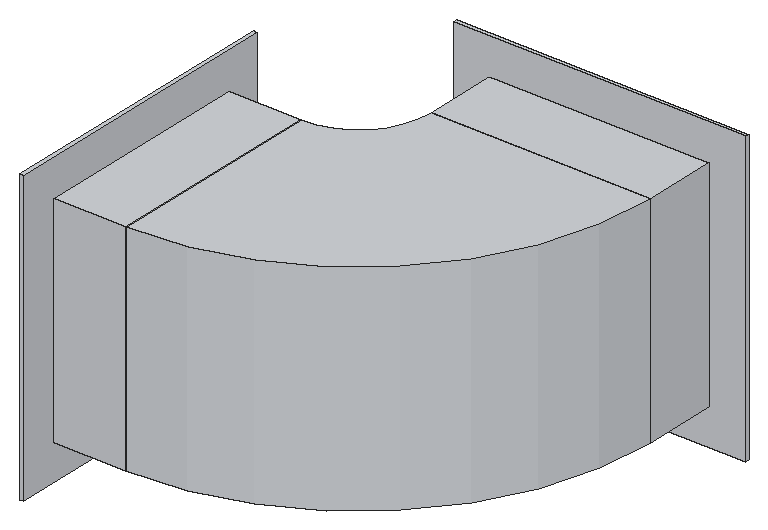
Revit family "FamilyExample 2020", category Raccords de gaine, Revit 2020
Family settings
  Cote de connecteur circulaire = Utiliser le diamètre
  Type d'élément = Coude
  Basée sur le plan de construction = Non
  Toujours verticalement = Oui
  Couper avec des vides une fois chargée = Non
  Partagée = Non
Parameters (values of type "100 R")
  r1 [instance] = r  # 100 mm
  f2 [instance] = if(not(Max ab > 100 mm), 25 mm, if(not(Max ab > 125 mm), 50 mm, if(not(Max ab > 150 mm), 75 mm, 100 mm)))  # 100 mm
  f1 [instance] = if(f = 0 mm, f2, f)  # 100 mm
  f [instance] = 0 mm
  e2 [instance] = if(not(Max ab > 100 mm), 25 mm, if(not(Max ab > 125 mm), 50 mm, if(not(Max ab > 150 mm), 75 mm, 100 mm)))  # 100 mm
  e1 [instance] = if(e = 0 mm, e2, e)  # 100 mm
  e [instance] = 0 mm
  alpha [instance] = 90.00°
  Max ab [instance] = if(a > b, a, b)  # 300 mm
  Longueur 3 [instance] = (Longueur 1 + e1 + Epaisseur de l'aile) * cos(alpha)  # 0 mm
  Longueur 2 [instance] = (Longueur 1 + e1 + Epaisseur de l'aile) * sin(alpha)  # 355 mm
  Longueur 1 [instance] = Rayon du centre * tan(alpha / 2)  # 250 mm
  a [instance] = 300 mm
  b [instance] = 300 mm
  r [instance] = 100 mm
  Bride a [instance] = a + 2 * Extension de bride  # 400 mm
  Bride b [instance] = b + 2 * Extension de bride  # 400 mm
  Epaisseur de l'aile [instance] = 5 mm
  Extension de bride [instance] = 50 mm
  Default Elevation = 0 mm
  Assembly Code = ""
  Rayon du centre [instance] = r1 + b / 2  # 250 mm
Types (3, lengths in mm): name | r1 | Longueur 2 | Longueur 1 | r | Rayon du centre
  100 R | 100 | 355 | 250 | 100 | 250
  200 R | 200 | 455 | 350 | 200 | 350
  150 R | 150 | 405 | 300 | 150 | 300
Reference planes
  plane 1 "Centre (avant/arrière)": y = 0
  plane 2: z = 0
  plane 3 "Centre (gauche/droite)": x = 0
  plane 4: x = -250
  plane 5: y = 250
  plane 6: x = -350
  plane 7: x = -355
  plane 8: y = 200
  plane 9: y = -200
  plane 10: x = 0
  plane 11: y = 355
Forms (mm)
  Sweep 1, solid, detail levels medium+fine
    path in 3D
      loop
        arc (-250, 0, 0) -> (-73.223, 73.223, 0) -> (0, 250, 0) r 250
    profile "Gaine - Rectangulaire : Gaine - Rectangulaire" origin (-73.223, 73.223, 0) x (-0.707107, 0.707107, 0) y (0, 0, 1)
      loop
        line (-150, 150) -> (-150, -150) -> (150, -150) -> (150, 150) -> (-150, 150)
  Sweep 2, solid, detail levels medium+fine
    path in 3D
      loop
        line (0, 250, 0) -> (0, 350, 0)
    profile "Gaine - Rectangulaire : Gaine - Rectangulaire" origin (0, 300, 0) x (-1, 0, 0) y (0, 0, 1)
      loop
        line (-150, 150) -> (-150, -150) -> (150, -150) -> (150, 150) -> (-150, 150)
  Sweep 3, solid, detail levels medium+fine
    path in 3D
      loop
        line (-350, 0, 0) -> (-250, 0, 0)
    profile "Gaine - Rectangulaire : Gaine - Rectangulaire" origin (-300, 0, 0) x (0, 1, 0) y (0, 0, 1)
      loop
        line (-150, 150) -> (-150, -150) -> (150, -150) -> (150, 150) -> (-150, 150)
  Sweep 4, solid, detail levels fine
    path in 3D
      loop
        line (0, 350, 0) -> (0, 355, 0)
    profile "Gaine - Rectangulaire : Gaine - Bride" origin (0, 352.5, 0) x (-1, 0, 0) y (0, 0, 1)
      loop
        line (-200, 200) -> (-200, -200) -> (200, -200) -> (200, 200) -> (-200, 200)
  Sweep 5, solid, detail levels fine
    path in 3D
      loop
        line (-355, 0, 0) -> (-350, 0, 0)
    profile "Gaine - Rectangulaire : Gaine - Bride" origin (-352.5, 0, 0) x (0, 1, 0) y (0, 0, 1)
      loop
        line (-200, 200) -> (-200, -200) -> (200, -200) -> (200, 200) -> (-200, 200)
  Sweep 6, solid, detail levels medium+fine
    path in 3D
      loop
        line (-355, 0, 0) -> (-350, 0, 0)
    profile "Gaine - Rectangulaire : Gaine - Rectangulaire" origin (-352.5, 0, 0) x (0, 1, 0) y (0, 0, 1)
      loop
        line (-150, 150) -> (-150, -150) -> (150, -150) -> (150, 150) -> (-150, 150)
  Sweep 7, solid, detail levels medium+fine
    path in 3D
      loop
        line (0, 350, 0) -> (0, 355, 0)
    profile "Gaine - Rectangulaire : Gaine - Rectangulaire" origin (0, 352.5, 0) x (-1, 0, 0) y (0, 0, 1)
      loop
        line (-150, 150) -> (-150, -150) -> (150, -150) -> (150, 150) -> (-150, 150)
Cuts and joins
  joined: Sweep 3, Sweep 6
  joined: Sweep 2, Sweep 7
Lines and regions (mm)
  reference lines
    curve 1: arc (-250, 0, 0) -> (-73.223, 73.223, 0) -> (0, 250, 0) r 250
    curve 2: line (0, 250, 0) -> (0, 350, 0)
    curve 3: line (-250, 250, 0) -> (390, 250, 0)
    curve 4: line (-99.96, 350, 0) -> (140.04, 350, 0)
    curve 5: line (-350, 0, 0) -> (-250, 0, 0)
    curve 12: line (0, 350, 0) -> (0, 355, 0)
    curve 13: line (-79.72, 355, 0) -> (140.04, 355, 0)
    curve 14: line (-200, 393.676, 0) -> (-200, 223.247, 0)
    curve 15: line (200, 418.676, 0) -> (200, 223.247, 0)
  sketch lines
    curve 6: arc (-250, 0, 0) -> (-73.223, 73.223, 0) -> (0, 250, 0) r 250
    curve 7: line (0, 250, 0) -> (0, 350, 0)
    curve 8: line (-350, 0, 0) -> (-250, 0, 0)
    curve 16: line (0, 350, 0) -> (0, 355, 0)
    curve 20: line (-355, 0, 0) -> (-350, 0, 0)
    curve 22: line (-355, 0, 0) -> (-350, 0, 0)
    curve 23: line (0, 350, 0) -> (0, 355, 0)
  model lines, detail levels coarse
    curve 9: line (0, 250, 0) -> (0, 350, 0)
    curve 10: arc (-250, 0, 0) -> (-73.223, 73.223, 0) -> (0, 250, 0) r 250
    curve 11: line (-350, 0, 0) -> (-250, 0, 0)
    curve 17: line (0, 350, 0) -> (0, 355, 0)
    curve 18: line (-200, 355, 0) -> (200, 355, 0)
    curve 19: line (-355, 0, 0) -> (-350, 0, 0)
    curve 21: line (-355, 200, 0) -> (-355, -200, 0)
  model lines, style "InvisibleLines"
    curve 24: line (-350, 22.539, 0) -> (-350, -22.461, 0)
    curve 26: line (-16.855, 355, 0) -> (18.145, 355, 0)
  model lines, style "InvisibleLines", not visible
    curve 25: line (-272.935, 22.539, 0) -> (-272.935, -22.461, 0)
    curve 27: line (-16.855, 271.327, 0) -> (18.145, 271.327, 0)
Dimensions and locks
  "Longueur 1": plane 4 to plane 3 "Centre (gauche/droite)"
  "Rayon du centre": plane 5 to plane 1 "Centre (avant/arrière)"
  "f1": plane 6 to plane 4
  "e1": curve 2 to curve 2
  "e1": curve 3 to curve 4
  "Epaisseur de l'aile": curve 12 to curve 12
  "Epaisseur de l'aile": curve 4 to curve 13
  equal spacing: curve 14, curve 2, curve 15
  "Bride b": curve 14 to curve 15
  "Epaisseur de l'aile": plane 7 to plane 6
  equal spacing: plane 8, plane 1 "Centre (avant/arrière)", plane 9
  "Bride b": plane 8 to plane 9
  "Longueur 3": plane 3 "Centre (gauche/droite)" to plane 10
  "Longueur 2": plane 11 to plane 1 "Centre (avant/arrière)"
  "Rayon du centre": radius of curve 1
  "alpha": angle curve 1 to curve 1
  "alpha": angle plane 1 "Centre (avant/arrière)" to curve 2
  "alpha": angle plane 4 to curve 3
  "alpha": angle plane 3 "Centre (gauche/droite)" to curve 4
  "alpha": angle curve 10 to curve 10
  "alpha": angle plane 1 "Centre (avant/arrière)" to curve 12
  "alpha": angle plane 3 "Centre (gauche/droite)" to curve 13
  locked: curve 13 to curve 14 (angle 90.00°)
  aligned and locked: plane 5 to curve 1
  aligned and locked: plane 4 to curve 1
  aligned and locked: plane 5 to curve 3
  aligned and locked: plane 4 to curve 3
  aligned and locked: plane 6 to curve 5
  aligned and locked: plane 4 to curve 5
  aligned and locked: plane 1 "Centre (avant/arrière)" to curve 5
  aligned and locked: curve 9 to curve 2
  aligned and locked: curve 3 to curve 9
  aligned and locked: curve 10 to curve 1
  aligned and locked: plane 4 to curve 10
  aligned and locked: plane 4 to curve 11
  aligned and locked: plane 1 "Centre (avant/arrière)" to curve 11
  aligned and locked: curve 17 to curve 12
  aligned and locked: curve 4 to curve 17
  aligned and locked: curve 13 to curve 17
  aligned and locked: curve 18 to curve 13
  aligned and locked: curve 14 to curve 18
  aligned and locked: curve 15 to curve 18
  aligned and locked: plane 7 to curve 19
  aligned and locked: plane 6 to curve 19
  aligned and locked: plane 1 "Centre (avant/arrière)" to curve 19
  aligned and locked: curve 21 to plane 8
  aligned and locked: plane 9 to curve 21
  aligned and locked: curve 21 to plane 7
  aligned and locked: curve 24 to plane 6
  aligned and locked: nested 2 to plane 1 "Centre (avant/arrière)"
  aligned and locked: curve 26 to Sweep 4
  aligned and locked: plane 3 "Centre (gauche/droite)" to nested 1
Automatic sketch dimensions
  curve 4 to curve 2 = 140.04 mm
  curve 12 to curve 2 = 0 mm
  curve 15 to curve 2 = 26.753 mm
  curve 14 to curve 2 = 26.753 mm
  curve 2 to curve 15 = 68.676 mm
  curve 13 to curve 2 = 140.04 mm
Nested families
  nested 1: "Annotation de libellé_Dim" at (0, 436.173, 0), type "Annotation de libellé Con1"
  nested 2: "Annotation de libellé_Dim" at (-427.065, 0, 0) x (0, 1, 0) z (0, 0, 1), type "Annotation de libellé Con2"
  nested 3: "Annotation de libellé_Dim" at (-350, 0, 0) x (0, 1, 0) z (0, 0, 1), type "Annotation de libellé Con2", not visible
  nested 4: "Annotation de libellé_Dim" at (0, 352.5, 0), type "Annotation de libellé Con1", not visible
Connectors
  hvac at (-355, 0, 0), driven by "a", driven by "b", driven by "alpha"
    settings: on Sweep 5, index 1, duct flow 0.0 L/s, flow factor 0, pres drop 0.0 Pa, loss coef 0, conn angle 90.00°, conn width 300 mm, conn height 300 mm, conn diameter 609.6 mm, duct sys type 28, conn prof type 1, flow config 0, flow direction 0, loss method 0, conn ref index 2, conn util no, is conn primary yes, conn desc ""
  hvac at (0, 355, 0), driven by "a", driven by "b", driven by "alpha"
    settings: on Sweep 4, index 2, duct flow 0.0 L/s, flow factor 0, pres drop 0.0 Pa, loss coef 0, conn angle 90.00°, conn width 300 mm, conn height 300 mm, conn diameter 609.6 mm, duct sys type 28, conn prof type 1, flow config 0, flow direction 0, loss method 0, conn ref index 1, conn util no, is conn primary no, conn desc ""
Definition of nested family "Annotation de libellé_Dim"
  Parameters (values of type "Annotation de libellé Con2")
    Libellé = ""
    Dim2 = 0 mm
    Dim1 = 0 mm
  Types (2): name
    Annotation de libellé Con2
    Annotation de libellé Con1
  Reference planes
    plane 1: y = 0
    plane 2: x = 0
  Text (mm)
    label "Dim1\nDim2" at (0.007, 0.129, 0), shows "Dim1", "Dim2"
